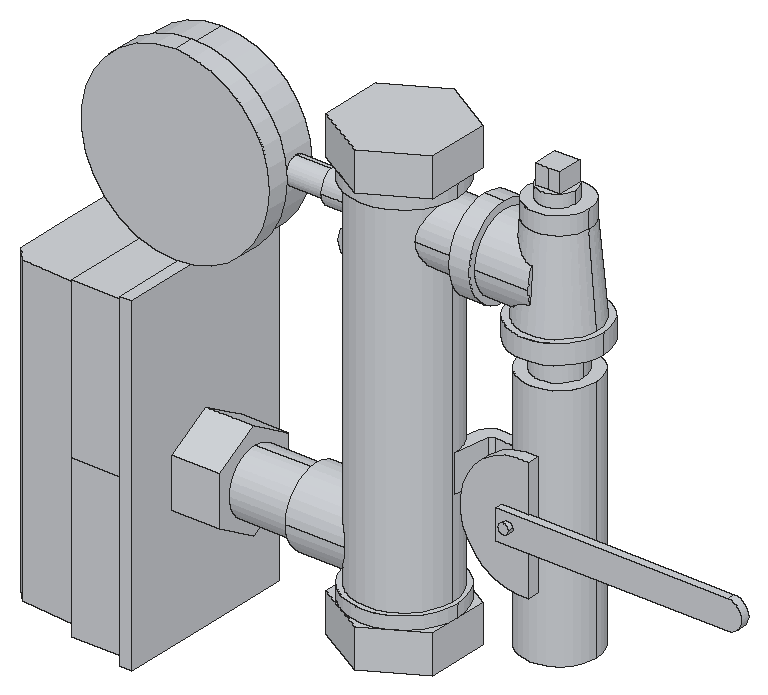
Revit family
Reference planes (in)
  plane 1 "Center (Front/Back)": y = 0
  plane 2: z = 0
  plane 3 "Center (Left/Right)": x = 0
Dimensions and locks (in)
  aligned and locked: plane 2 to level
Nested families (in)
  nested 1: "15RRD" at (0, 0, 0), type "RASCO RISER-RESIDENTIAL"
Connectors (in)
  piping at (0, 0, 9.5)
    settings: on nested 1, index 1, connector radius 1", flow factor 0, pipe flow 0 GPM, pressure drop 0.00 psi, fitting loss kfactor 0, connector angle 0.00°, fixture units 0, flow configuration 0, flow direction 0, fitting loss method 0, system type 7, connector reference index -1, connector utility 0, adjustable connector no, is connector primary yes, fitting loss table "", connector description ""
  piping at (0, 0, 0)
    settings: on nested 1, index 2, connector radius 1", flow factor 0, pipe flow 0 GPM, pressure drop 0.00 psi, fitting loss kfactor 0, connector angle 0.00°, fixture units 0, flow configuration 0, flow direction 0, fitting loss method 0, system type 7, connector reference index -1, connector utility 0, adjustable connector no, is connector primary no, fitting loss table "", connector description ""
  piping at (3.16846, -0.0006, 1.04)
    settings: on nested 1, index 3, connector radius 3/4", flow factor 0, pipe flow 0 GPM, pressure drop 0.00 psi, fitting loss kfactor 0, connector angle 0.00°, fixture units 0, flow configuration 0, flow direction 0, fitting loss method 0, system type 7, connector reference index -1, connector utility 0, adjustable connector no, is connector primary no, fitting loss table "", connector description ""
Definition of nested family "15RRD"
  Reference planes (in)
    plane 1 "Center (Front/Back)": y = 0
    plane 2: z = 0
    plane 3 "Center (Left/Right)": x = 0
    plane 4 "ref.1": z = 1.04
    plane 5: z = 9.83243
    plane 6 "nipple": z = 6.08
    plane 7 "plug": z = 9.19059
  Forms (in)
    Extrusion 1, solid
      sketch origin (0, 0, 0) x (1, 0, 0) y (0, 1, 0)
        loop
          line (-1.095, -0.6322) -> (0, -1.2644) -> (1.095, -0.6322) -> (1.095, 0.6322) -> (0, 1.2644) -> (-1.095, 0.6322) -> (-1.095, -0.6322)
      from 0 to 0.78266
    Extrusion 2, solid
      sketch origin (0, 0, 0) x (1, 0, 0) y (0, 1, 0)
        loop
          circle (0, 0) r 1.095
      from 0.78266 to 1.04
    Extrusion 3, solid
      sketch origin (0, 0, 1.04) x (-1, 0, 0) y (0, -1, 0)
        loop
          circle (0, 0) r 0.99
      from 0 to 7.42
    Extrusion 4, solid
      sketch origin (-0.00001, 0, 8.71734) x (1, 0, 0) y (0, 1, 0)
        loop
          line (-1.09499, -0.6322) -> (0.00001, -1.2644) -> (1.09501, -0.6322) -> (1.09501, 0.6322) -> (0.00001, 1.2644) -> (-1.09499, 0.6322) -> (-1.09499, -0.6322)
      from 0 to 0.78266
    Extrusion 5, solid
      sketch origin (0, 0, 7.67734) x (1, 0, 0) y (0, 1, 0)
        loop
          circle (0, 0) r 1.095
      from 0.78266 to 1.04
    Extrusion 6, solid
      sketch origin (0, 0, 0) x (0, 1, 0) y (0, 0, 1)
        loop
          circle (0, 1.81) r 0.78
      from 0 to -1.79845
    Extrusion 7, void
      sketch origin (0, 0, 1.04) x (-1, 0, 0) y (0, -1, 0)
        loop
          line (0, -0.677) -> (0, -0.83969) -> (0.51275, -0.83969) -> (0.51275, -0.79009)
          arc (0.51275, -0.79009) -> (0.24961, -0.7642) -> (0, -0.677) r 1.11349
      from 0 to 1.55457
    Extrusion 8, void
      sketch origin (0, 0, 1.04) x (-1, 0, 0) y (0, -1, 0)
        loop
          arc (0, 0.68) -> (0.24961, 0.7672) -> (0.51275, 0.79309) r 1.11349
          line (0.51275, 0.79309) -> (0.51275, 0.8427) -> (0, 0.8427) -> (0, 0.68)
      from 0 to 1.55719
    Extrusion 9, solid
      sketch origin (0, 0, 0) x (0, 1, 0) y (0, 0, 1)
        loop
          circle (0, 7.81) r 0.66
      from 0 to 2.02155
    Extrusion 10, solid
      sketch origin (0, 0, 0) x (0, 1, 0) y (0, 0, 1)
        loop
          circle (0, 7.81) r 0.355
      from 0 to -1.41097
    Extrusion 11, solid
      sketch origin (-0.31057, 0, 5.20495) x (-1, 0, 0) y (0, -1, 0)
        loop
          line (0.68, 0) -> (0.39, 0) -> (0.54048, -0.85341)
          arc (0.54048, -0.85341) -> (0.62598, -1.00151) -> (0.78668, -1.06) r 0.25
          line (0.78668, -1.06) -> (1.76437, -1.06) -> (1.76437, -0.81) -> (0.89834, -0.81)
          arc (0.89834, -0.81) -> (0.84049, -0.78894) -> (0.80971, -0.73563) r 0.09
          line (0.80971, -0.73563) -> (0.68, 0)
      from 0.66505 to 1.42505
    Extrusion 12, solid
      sketch origin (0.30443, 0, 2.31856) x (1, 0, 0) y (0, 1, 0)
        loop
          line (0.68, 0) -> (0.80971, 0.73563)
          arc (0.80971, 0.73563) -> (0.84049, 0.78894) -> (0.89834, 0.81) r 0.09
          line (0.89834, 0.81) -> (1.74654, 0.81) -> (1.74654, 1.06) -> (0.78668, 1.06)
          arc (0.78668, 1.06) -> (0.62598, 1.00151) -> (0.54048, 0.85341) r 0.25
          line (0.54048, 0.85341) -> (0.39, 0) -> (0.68, 0)
      from 0.66505 to 1.42505
    Extrusion 13, void
      sketch origin (-0.44524, 0, 0) x (1, 0, 0) y (0, 0, 1)
        loop
          circle (-1.17512, 6.25) r 0.195
      from -1.06 to -0.81
    Extrusion 14, void
      sketch origin (0.43909, 0, 0.11361) x (1, 0, 0) y (0, 0, 1)
        loop
          circle (1.09, 3.25) r 0.195
      from -1.06 to -0.81
    Extrusion 15, void
      sketch origin (-0.44524, 0, 0) x (1, 0, 0) y (0, 0, 1)
        loop
          line (-1.17512, 6.63) -> (-1.17512, 6.71331) -> (-1.75581, 6.71331) -> (-1.75581, 5.80236) -> (-1.17512, 5.80236) -> (-1.17512, 5.87)
          arc (-1.17512, 5.87) -> (-1.55512, 6.25) -> (-1.17512, 6.63) r 0.38
      from -1.06 to -0.81
    Extrusion 16, void
      sketch origin (0.43909, 0, 0.11361) x (1, 0, 0) y (0, 0, 1)
        loop
          line (1.09, 2.87) -> (1.09, 2.83503) -> (1.65386, 2.83503) -> (1.65386, 3.68519) -> (1.09, 3.68519) -> (1.09, 3.63)
          arc (1.09, 3.63) -> (1.47, 3.25) -> (1.09, 2.87) r 0.38
      from -1.06 to -0.81
    Extrusion 17, solid
      sketch origin (0.41287, 0, 6.08) x (-1, 0, 0) y (0, -1, 0)
        loop
          circle (-2.75, 0.00522) r 0.5
      from 0 to 0.55
    Extrusion 18, solid
      sketch origin (0.36747, 0, 9.19059) x (-1, 0, 0) y (0, -1, 0)
        loop
          circle (-2.75, 0) r 0.375
      from 0 to 0.2412
    Extrusion 19, solid
      sketch origin (0.37165, 0, 9.19059) x (-1, 0, 0) y (0, -1, 0)
        loop
          line (-2.753, 0.25) -> (-3.003, 0.25) -> (-3.003, -0.25) -> (-2.503, -0.25) -> (-2.503, 0) -> (-2.503, 0.25) -> (-2.753, 0.25)
      from 0.2412 to 0.64184
  Cuts and joins
    Extrusion 7, Extrusion 8 cuts Extrusion 2
    Extrusion 7, Extrusion 8 cuts Extrusion 4
    Extrusion 7, Extrusion 8 cuts Extrusion 5
    Extrusion 7, Extrusion 8 cuts Extrusion 6
    Extrusion 13, Extrusion 15 cuts Extrusion 11
    Extrusion 14, Extrusion 16 cuts Extrusion 12
  Dimensions and locks (in)
    plane 5 to nested 2 = 0' - 11"
    aligned and locked: plane 2 to level
  Nested families (in)
    nested 1: "Gauge3" at (-3.5, 0.39285, 1.8952), type "RASCO Gauge"
    nested 2: "Water Flow Detector" at (-5.37068, 0, -1.84924), type "Water Flow Detector"
    nested 3: "Test-Drain Valve" at (3.152, -0.15695, 1.04), type "Test-Drain Valve"
    nested 4: "tee3" at (3.152, 0, 6.63), type "tee3"
  Definition of nested family "Gauge3"
    Reference planes (in)
      plane 1 "Center (Front/Back)": y = 0
      plane 2: z = 0
      plane 3 "Center (Left/Right)": x = 0
      plane 4: z = 7.47962
      plane 5 "ref.2": y = -0.425
      plane 6 "ref.3": z = 5.65212
      plane 7 "refdt": y = -1.191
    Forms (in)
      Extrusion 1, solid
        sketch origin (6.95412, -1.191, 5.90312) x (0, 0, -1) y (-1, 0, 0)
          loop
            circle (0, 7.47962) r 1.9225
        from 0 to 0.425
      Extrusion 2, solid
        sketch origin (6.95412, -0.766, 5.90312) x (-1, 0, 0) y (0, 0, 1)
          loop
            circle (7.47962, 0) r 1.8275
        from 0 to 0.766
      Extrusion 3, solid
        sketch origin (2.43846, -1.191, 5.90312) x (0, 1, 0) y (0, 0, 1)
          loop
            circle (0.80101, 0) r 0.2725
        from 0 to -1.146
    Lines and regions (in)
      model lines
        curve 1: arc (-0.5255, -1.191, 4.25062) -> (-2.178, -1.191, 5.90312) -> (-0.5255, -1.191, 7.55562) r 1.6525
        curve 2: arc (-0.5255, -1.191, 4.42562) -> (-2.003, -1.191, 5.90312) -> (-0.5255, -1.191, 7.38062) r 1.4775
        curve 3: line (-0.5255, -1.191, 4.25062) -> (-0.5255, -1.191, 4.42562)
        curve 4: line (-0.5255, -1.191, 7.38062) -> (-0.5255, -1.191, 7.55562)
        curve 5: line (-0.32954, -1.191, 5.36925) -> (-1.42319, -1.191, 6.76906)
        curve 6: line (-1.42319, -1.191, 6.76906) -> (-0.17646, -1.191, 5.52233)
        curve 7: line (-0.17646, -1.191, 5.52233) -> (-0.32954, -1.191, 5.36925)
    Dimensions and locks (in)
      aligned and locked: plane 2 to level
  Definition of nested family "Water Flow Detector"
    Reference planes (in)
      plane 1 "Center (Front/Back)": y = 0
      plane 2: z = 0
      plane 3 "Center (Left/Right)": x = 0
    Forms (in)
      Extrusion 1, solid
        sketch origin (3.64489, -0.00807, 3.68167) x (0, 0, -1) y (0, -1, 0)
          loop
            circle (0, 0) r 0.655
        from 0 to 1.32768
      Extrusion 2, solid
        sketch origin (2.31721, -0.00807, 5.11447) x (0, -1, 0) y (0, 0, 1)
          loop
            line (0, -0.43279) -> (-0.86603, -0.93279) -> (-0.86603, -1.93279) -> (0, -2.43279) -> (0.86603, -1.93279) -> (0.86603, -0.93279) -> (0, -0.43279)
        from 0 to 1
      Extrusion 3, solid
        sketch origin (1.31721, -0.00404, 4.28167) x (0, 0, 1) y (0, 1, 0)
          loop
            line (-3.6, 0) -> (-3.6, -1.875) -> (3.15, -1.875) -> (3.15, 1.875) -> (-3.6, 1.875) -> (-3.6, 0)
        from 0 to 0.25
      Extrusion 4, solid
        sketch origin (1.06721, -0.00807, 3.68167) x (0, 0, 1) y (0, 1, 0)
          loop
            line (0.375, -1.765) -> (3.625, -1.765) -> (3.625, 1.765) -> (-2.89, 1.765) -> (-2.89, -1.765) -> (0.375, -1.765)
        from 0 to 1.062
      Extrusion 5, solid
        sketch origin (3.64477, -0.00807, 4.42051) x (-1, 0, 0) y (0, -1, 0)
          loop
            line (3.63968, 0) -> (3.63968, -1.627) -> (4.80895, -1.54524) -> (5.07768, -1.2765) -> (5.07768, 0) -> (5.07768, 1.2765) -> (4.80895, 1.54524) -> (3.63968, 1.627) -> (3.63968, 0)
        from -3.48722 to 2.75684
    Dimensions and locks (in)
      aligned and locked: plane 2 to level
  Definition of nested family "Test-Drain Valve"
    Reference planes (in)
      plane 1 "Center (Front/Back)": y = 0
      plane 2: z = 0
      plane 3 "Center (Left/Right)": x = 0
      plane 4 "ref.2": z = 1.03
    Forms (in)
      Extrusion 1, solid
        sketch origin (0.02197, 0.09564, 3.1625) x (1, 0, 0) y (0, 0, 1)
          loop
            circle (-0.01345, -0.44998) r 0.105
        from 0.56904 to 1.36107
      Extrusion 2, solid
        sketch origin (0.15989, -1.26543, 1.6425) x (0, 0, 1) y (-1, 0, 0)
          loop
            line (1.03, 0.37389) -> (0.74163, 0.37389) -> (0.74163, -4.3395)
            arc (0.74163, -4.3395) -> (1.03663, -4.6345) -> (1.33163, -4.3395) r 0.295
            line (1.33163, -4.3395) -> (1.33163, 0.37389) -> (1.03, 0.37389)
        from -0.26148 to -0.09542
      Extrusion 3, solid
        sketch origin (0, 0, 0) x (1, 0, 0) y (0, 1, 0)
          loop
            circle (0.01646, 0.15636) r 0.75
        from 0 to 5.04
      Extrusion 4, solid
        sketch origin (0.03599, 0.78727, -0.11587) x (1, 0, 0) y (0, 0, 1)
          loop
            line (0.28512, 2.5) -> (0.28512, 4.03519)
            arc (0.28512, 4.03519) -> (-1.12118, 2.795) -> (0.28512, 1.55481) r 1.25
            line (0.28512, 1.55481) -> (0.28512, 2.5)
        from 1.56371 to 1.79121
    Dimensions and locks (in)
      aligned and locked: plane 2 to level
  Definition of nested family "tee3"
    Parameters (values of type "tee3")
      Assembly Code = ""
    Reference planes (in)
      plane 1 "Center (Front/Back)": y = 0
      plane 2: z = 0
      plane 3 "Center (Left/Right)": x = 0
      plane 4 "ref.2": z = 0.4
      plane 5 "re.3": z = 2.00996
      plane 6: x = -1.5
    Forms (in)
      Extrusion 1, solid
        sketch origin (0, 0, 0) x (1, 0, 0) y (0, 1, 0)
          loop
            circle (0, 0) r 0.92
        from 0 to 0.4
      Blend 2, solid
        base sketch origin (0, 0, 0.4) x (-1, 0, 0) y (0, -1, 0)
          loop
            circle (0, 0) r 0.785
        top sketch origin (0, 0, 0.4) x (-1, 0, 0) y (0, -1, 0)
          loop
            circle (0, 0) r 0.6225
        from 0 to 1.80197
      Extrusion 3, solid
        sketch origin (0, 0, 2.00996) x (-1, 0, 0) y (0, -1, 0)
          loop
            circle (0, 0) r 0.6225
        from 0.192 to 0.55064
      Extrusion 4, solid
        sketch origin (0, 0, 0) x (0, 1, 0) y (0, 0, 1)
          loop
            circle (-0.00522, 1.18821) r 0.785
        from 0 to -1.1
      Extrusion 5, solid
        sketch origin (-1.1, 0, 1.19147) x (0, 0, 1) y (0, 1, 0)
          loop
            circle (0, 0) r 0.92
        from 0 to 0.4
    Dimensions and locks (in)
      aligned and locked: plane 2 to level
